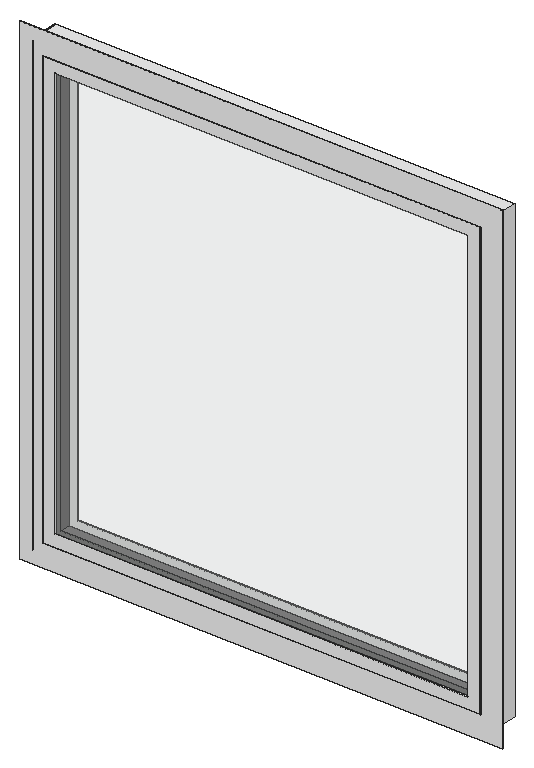
Revit family "Casement_30.5_C_Side_Hung_Standard", category Windows, host Wall, Revit 2014
Parameters (values of type "Casement_Sash_DG")
  Width Sash [instance] = 30 mm
  Width Sash Inner = 15 mm
  Width Bead = 15 mm
  Top Hung [instance] = yes
  Side Hung Right [instance] = yes
  Side Hung Left [instance] = yes
  Sash Opening Width [instance] = 600 mm
  Sash Opening Height [instance] = 600.312 mm
  Sash Lip = 15 mm
  Glazing Material [instance] = Glass
  DG Start Piece 2 [instance] = DG End Piece 1 + DG Gasket Thickness  # 25 mm
  DG Start Peice 1 [instance] = (Depth Sash - (2 * DG Glazing Thickness) - DG Gasket Thickness) / 2  # 6.6 mm
  Glazing Offset = 5 mm
  DG Glazing Thickness [instance] = 6.4 mm
  DG Gasket Thickness = 12 mm  # constant formula
  DG Gasket Material [instance] = Double Glazing Gasket Material
  DG End Piece 2 [instance] = DG Start Piece 2 + DG Glazing Thickness  # 31.4 mm
  DG End Piece 1 [instance] = DG Start Peice 1 + DG Glazing Thickness  # 13 mm
  Depth Sash [instance] = 38 mm
  Center Vertical Sash [instance] = Sash Opening Height / 2  # 300.156 mm
  Center Horizontal Sash [instance] = Sash Opening Width / 2  # 300 mm
  Bottom Hung [instance] = yes
  Bead Offset = 15 mm
  Aluminium Thickness = 1 mm
  Aluminium Material [instance] = White Powder Coated Aluminium
Reference planes
  plane 1 "Center (Front/Back)": y = 0
  plane 2: z = 0
  plane 3 "Center (Left/Right)": x = 0
Forms (mm)
  Sweep 1, solid, material "White Powder Coated Aluminium" <- "Aluminium Material"
    path origin (16.177, 0, 121.331) x (1, 0, 0) y (0, 0, 1)
      loop
        line (0, 0) -> (600, 0) -> (600, 600.312) -> (0, 600.312) -> (0, 0)
    profile origin (316.177, 0, 121.331) x (0, 0, 1) y (0, -1, 0)
      loop
        line (0, 0) -> (30, 0) -> (30, 1) -> (15, 1) -> (15, 38) -> (-15, 38) -> (-15, 37) -> (0, 37) -> (0, 0)
      loop
        line (14, 1) -> (14, 37) -> (1, 37) -> (1, 1) -> (14, 1)
  Sweep 2, solid, material "White Powder Coated Aluminium" <- "Aluminium Material"
    path origin (0, 0, 0) x (1, 0, 0) y (0, 0, 1)
      loop
        line (31.177, 706.643) -> (31.177, 136.331) -> (601.177, 136.331) -> (601.177, 706.643) -> (31.177, 706.643)
    profile origin (316.177, 0, 706.643) x (0, 0, 1) y (0, -1, 0)
      loop
        line (0, 37) -> (0, 38) -> (-15, 38) -> (-15, 37) -> (0, 37)
  Extrusion 3, solid, material "Glass" <- "Glazing Material"
    sketch origin (0, 0, 0) x (1, 0, 0) y (0, 0, 1)
      loop
        line (36.177, 701.643) -> (36.177, 141.331) -> (596.177, 141.331) -> (596.177, 701.643) -> (36.177, 701.643)
    from 6.6 <- "DG Start Peice 1" to 13 <- "DG End Piece 1"
  Extrusion 4, solid, material "Glass" <- "Glazing Material"
    sketch origin (0, 0, 0) x (1, 0, 0) y (0, 0, 1)
      loop
        line (36.177, 701.643) -> (36.177, 141.331) -> (596.177, 141.331) -> (596.177, 701.643) -> (36.177, 701.643)
    from 31.4 <- "DG End Piece 2" to 25 <- "DG Start Piece 2"
  Sweep 5, solid, material "Double Glazing Gasket Material" <- "DG Gasket Material"
    path origin (0, -13, 0) x (1, 0, 0) y (0, 0, 1)
      loop
        line (36.177, 701.643) -> (36.177, 141.331) -> (596.177, 141.331) -> (596.177, 701.643) -> (36.177, 701.643)
    profile origin (316.177, -13, 701.643) x (0, 0, 1) y (0, -1, 0)
      loop
        line (0, 0) -> (0, 12) -> (-7.96, 12) -> (-7.96, 0) -> (0, 0)
Lines and regions (mm)
  model lines
    curve 1: line (1.177, -38, 736.643) -> (31.177, -38, 706.643)
    curve 2: line (601.177, -38, 706.643) -> (631.177, -38, 736.643)
    curve 3: line (601.177, -38, 136.331) -> (631.177, -38, 106.331)
    curve 4: line (1.177, -38, 106.331) -> (31.177, -38, 136.331)
    curve 5: line (631.177, -37, 736.643) -> (616.177, -37, 721.643)
    curve 6: line (1.177, -37, 736.643) -> (16.177, -37, 721.643)
    curve 7: line (1.177, -37, 106.331) -> (16.177, -37, 121.331)
    curve 8: line (631.177, -37, 106.331) -> (616.177, -37, 121.331)
    curve 9: line (616.177, 0, 121.331) -> (586.177, 0, 151.331)
    curve 10: line (46.177, 0, 151.331) -> (16.177, 0, 121.331)
    curve 11: line (616.177, 0, 721.643) -> (586.177, 0, 691.643)
    curve 12: line (46.177, 0, 691.643) -> (16.177, 0, 721.643)
    curve 13: line (31.177, -38, 691.643) -> (46.177, -38, 691.643)
    curve 14: line (586.177, -38, 691.643) -> (601.177, -38, 691.643)
    curve 15: line (586.177, -38, 151.331) -> (601.177, -38, 151.331)
    curve 16: line (31.177, -38, 151.331) -> (46.177, -38, 151.331)
  model lines, style "GenericModelHiddenLines", visible <- "Top Hung"
    curve 17: line (46.386, -31.4, 690.914) -> (316.177, -31.4, 151.331)
    curve 18: line (316.177, -31.4, 151.331) -> (586.177, -31.4, 691.331)
  model lines, style "GenericModelHiddenLines", visible <- "Bottom Hung"
    curve 19: line (46.177, -31.4, 151.331) -> (316.177, -31.4, 691.331)
    curve 20: line (316.177, -31.4, 691.331) -> (586.177, -31.4, 151.331)
  model lines, style "GenericModelHiddenLines", visible <- "Side Hung Left"
    curve 21: line (46.386, -31.4, 690.914) -> (585.24, -31.4, 421.487)
    curve 22: line (585.24, -31.4, 421.487) -> (46.177, -31.4, 151.331)
  model lines, style "GenericModelHiddenLines", visible <- "Side Hung Right"
    curve 23: line (586.177, -31.4, 691.331) -> (46.177, -31.4, 421.487)
    curve 24: line (46.177, -31.4, 421.487) -> (586.177, -31.4, 151.331)
Dimensions and locks
  "Aluminium Thickness": Sweep 1 sketch curve to Sweep 1 sketch curve  (x4)
  "Depth Sash": Sweep 1 sketch curve to Sweep 1 sketch curve
  "Sash Opening Width": Sweep 1 to Sweep 1
  "Sash Opening Height": Sweep 1 to Sweep 1
  "Width Sash": Sweep 1 sketch curve to Sweep 1 sketch curve  (x2)
  "Width Sash Inner": Sweep 1 sketch curve to Sweep 1 sketch curve
  "Sash Lip": Sweep 1 sketch curve to Sweep 1 sketch curve
  "Aluminium Thickness": Sweep 1 to Sweep 2 sketch curve
  "Glazing Offset": Sweep 2 to Extrusion 3 sketch curve  (x3)
  "Glazing Offset": Extrusion 3 sketch curve to Sweep 2
  Sweep 1 to Sweep 1 = 1 mm
  "Aluminium Thickness": Sweep 2 sketch curve to Sweep 2 sketch curve
  "Width Bead": Sweep 2 sketch curve to Sweep 2 sketch curve
  locked: Sweep 5 sketch curve to Sweep 5 sketch curve at 7.96
  "Center Horizontal Sash": Sweep 1 to curve 18
  "Center Horizontal Sash": Sweep 1 to curve 20
  "Center Vertical Sash": Sweep 1 to curve 22
  "Center Vertical Sash": Sweep 1 to curve 24
  aligned and locked: level to plane 2
  aligned and locked: Sweep 1 sketch curve to Sweep 1 sketch curve  (x2)
  aligned and locked: Sweep 2 sketch curve to Sweep 1  (x5)
  aligned and locked: Extrusion 4 sketch curve to Extrusion 3  (x4)
  aligned and locked: Sweep 5 sketch curve to Extrusion 3  (x5)
  aligned and locked: Extrusion 3 to Sweep 5 sketch curve
Automatic sketch dimensions
  plane 3 "Center (Left/Right)" to Sweep 1 sketch curve = 16.177 mm
  level to Sweep 1 sketch curve = 121.331 mm
  plane 3 "Center (Left/Right)" to Sweep 1 sketch curve = 616.177 mm
  level to Sweep 1 sketch curve = 721.643 mm
  profile plane to Sweep 5 sketch curve = 12 mm
  curve 7 to Sweep 1 = 0 mm  (x4)
  curve 6 to Sweep 1 = 0 mm  (x3)
  Sweep 1 to curve 6 = 0 mm
  curve 5 to Sweep 1 = 0 mm  (x3)
  curve 8 to Sweep 1 = 0 mm  (x4)
  Sweep 1 to curve 5 = 0 mm
  curve 16 to Sweep 2 = 0 mm  (x3)
  curve 13 to Sweep 2 = 0 mm  (x3)
  curve 15 to Sweep 2 = 0 mm
  Sweep 2 to curve 15 = 0 mm  (x2)
  curve 14 to Sweep 2 = 0 mm  (x2)
  Sweep 2 to curve 14 = 0 mm
  curve 1 to Sweep 1 = 0 mm  (x4)
  curve 4 to Sweep 1 = 0 mm  (x3)
  Sweep 1 to curve 4 = 0 mm
  curve 3 to Sweep 1 = 0 mm  (x3)
  curve 2 to Sweep 1 = 0 mm  (x4)
  Sweep 1 to curve 3 = 0 mm
  curve 10 to Sweep 1 = 0 mm  (x4)
  curve 12 to Sweep 1 = 0 mm  (x3)
  Sweep 1 to curve 12 = 0 mm
  curve 9 to Sweep 1 = 0 mm  (x4)
  curve 11 to Sweep 1 = 0 mm  (x3)
  Sweep 1 to curve 11 = 0 mm
  Sweep 1 sketch curve to plane 1 "Center (Front/Back)" = 0 mm
  profile plane to Sweep 1 sketch curve = 0 mm
  curve 21 to Extrusion 4 = 10.208 mm
  curve 19 to Extrusion 4 = 10 mm
  curve 23 to Extrusion 4 = 10 mm  (x2)
  curve 22 to Extrusion 4 = 10.937 mm
  curve 20 to Extrusion 4 = 10 mm
  curve 24 to Extrusion 4 = 10 mm
  curve 22 to Extrusion 4 = 10 mm
  curve 18 to Extrusion 4 = 10 mm
  curve 21 to Extrusion 4 = 10.729 mm
  curve 19 to Extrusion 4 = 10.312 mm
  curve 18 to Extrusion 4 = 10.312 mm
Types in the file's own list only (12): name | Windload Design | Width Sash Right Opening | Width Sash Right | Width Sash Left Opening | Width Sash Left | Width Profile | Width Fixed Panel Center | Width | URL | Standard Mullion Different | Offset Window Exterior | Offset Mullion Right Side | Max System DG Unit Thickness | Max System DG One Piece Thickness | Max Pane Area | Intruderprufe U Value | Intruderprufe SHGC Value | Intruderprufe LowE U Value | Intruderprufe LowE SHGC Value | Height Sash Opening | Height | Energy Advantage U Value | Energy Advantage SHGC Value | DG Thickness Calc | DG Thickness | Custom Window Width | Custom Window Height | Window Exterior Offset | Custom Windload | Custom Sash Right Width | Custom Sash Left Width | Sash Height | Side Hung Right | Sash Spacing Inner | Sash Overlap | Sash Center Offset | SG Gasket Thickness | Offset Sash Side | Offset Sash Top | Offset Fixed Panel Left | Offset Mullion Left Side | Offset Bead Center Reversed | Model | Manufacturer | Limit Window Width Min | Limit Window Width Max | Limit Window Height Min | Limit Window Height Max | Limit Sash Width Min | Limit Sash Width Max | Limit Sash Height Min | Limit Sash Height Max | Limit Fixed Pane Width Min | Limit Fixed Pane Width Max | Length Mullion | Height Sash | Height Fixed Panel Center | Double Glazing | Description | Depth Mullion | Frame Center Offset | Depth Bead | Default Sill Height | Wall Closure | DG Gasket Finish | DG Extrusion Start | Mullion Depth Windload Based | Corrected Mullion Size | Clearvue U Value | Clearvue SHGC Value | Casement Dimension | Bead SG Gap | Area Pane Right | Area Pane Middle | Area Pane Left
  305-1809SS-1000Pa | 1000 mm | 524 mm | 554 mm | 524 mm | 554 mm | 30 mm | 590 mm | 1790 mm | "http://www.crealco.co.za/crealco-products.php" | 0 mm | 15 mm | 570 mm | 18 mm | 3 mm | 0.48 m² | 6.08 | 0.579 | 4.55 | 0.571 | 844 mm | 890 mm | 4.66 | 0.544 | 3 mm | 3 mm | 1790 mm | 890 mm | 0 mm | 1000 mm | 554 mm | 554 mm | 845 mm | No | 8 mm | 7 mm | 12 mm | 6 mm | 23 mm | 23 mm | 600 mm | 570 mm | 15 mm | "Casement 30.5" | "Crealco" | 1400 mm | 2700 mm | 346 mm | 1246 mm | 300 mm | 600 mm | 300 mm | 1200 mm | 200 mm | 1500 mm | 890 mm | 814 mm | 830 mm | No | "Window 30.5mm, Type C side hung" | 32 mm | 15 mm | 17 mm | 800 mm | By host | Double Glazing Gasket Material | 5 mm | 32 mm | 0 mm | 6.22 | 0.608 | 31 mm | 13 mm | 0.35 m² | 0.48 m² | 0.35 m²
  305-2409SS-1000Pa | 1000 mm | 524 mm | 554 mm | 524 mm | 554 mm | 30 mm | 1190 mm | 2390 mm | "http://www.crealco.co.za/crealco-products.php" | 0 mm | 15 mm | 570 mm | 18 mm | 3 mm | 0.97 m² | 6.01 | 0.614 | 4.4 | 0.542 | 844 mm | 890 mm | 4.5 | 0.577 | 3 mm | 3 mm | 2390 mm | 890 mm | 0 mm | 1000 mm | 554 mm | 554 mm | 845 mm | No | 8 mm | 7 mm | 12 mm | 6 mm | 23 mm | 23 mm | 600 mm | 570 mm | 15 mm | "Casement 30.5" | "Crealco" | 1400 mm | 2700 mm | 346 mm | 1246 mm | 300 mm | 600 mm | 300 mm | 1200 mm | 200 mm | 1500 mm | 890 mm | 814 mm | 830 mm | No | "Window 30.5mm, Type C side hung" | 32 mm | 15 mm | 17 mm | 800 mm | By host | Double Glazing Gasket Material | 5 mm | 32 mm | 0 mm | 6.15 | 0.645 | 31 mm | 13 mm | 0.35 m² | 0.97 m² | 0.35 m²
  305-2409SS-1500Pa | 1500 mm | 524 mm | 554 mm | 524 mm | 554 mm | 30 mm | 1190 mm | 2390 mm | "http://www.crealco.co.za/crealco-products.php" | 0 mm | 15 mm | 570 mm | 18 mm | 3 mm | 0.97 m² | 6.01 | 0.614 | 4.5 | 0.543 | 844 mm | 890 mm | 4.6 | 0.578 | 3 mm | 3 mm | 2390 mm | 890 mm | 0 mm | 1500 mm | 554 mm | 554 mm | 845 mm | No | 8 mm | 7 mm | 12 mm | 6 mm | 23 mm | 23 mm | 600 mm | 570 mm | 15 mm | "Casement 30.5" | "Crealco" | 1400 mm | 2700 mm | 346 mm | 1246 mm | 300 mm | 600 mm | 300 mm | 1200 mm | 200 mm | 1500 mm | 890 mm | 814 mm | 830 mm | No | "Window 30.5mm, Type C side hung" | 32 mm | 15 mm | 17 mm | 800 mm | By host | Double Glazing Gasket Material | 5 mm | 32 mm | 0 mm | 6.15 | 0.646 | 31 mm | 13 mm | 0.35 m² | 0.97 m² | 0.35 m²
  305-1812SS-1000Pa | 1000 mm | 524 mm | 554 mm | 524 mm | 554 mm | 30 mm | 590 mm | 1790 mm | "http://www.crealco.co.za/crealco-products.php" | 1 mm | 15 mm | 570 mm | 18 mm | 3 mm | 0.65 m² | 6.07 | 0.602 | 4.47 | 0.531 | 1144 mm | 1190 mm | 4.57 | 0.565 | 3 mm | 3 mm | 1790 mm | 1190 mm | 0 mm | 1000 mm | 554 mm | 554 mm | 1145 mm | No | 8 mm | 7 mm | 12 mm | 6 mm | 23 mm | 23 mm | 600 mm | 570 mm | 15 mm | "Casement 30.5" | "Crealco" | 1400 mm | 2700 mm | 346 mm | 1246 mm | 300 mm | 600 mm | 300 mm | 1200 mm | 200 mm | 1500 mm | 1190 mm | 1114 mm | 1130 mm | No | "Window 30.5mm, Type C side hung" | 32 mm | 15 mm | 17 mm | 800 mm | By host | Double Glazing Gasket Material | 5 mm | 32 mm | 32 mm | 6.2 | 0.632 | 31 mm | 13 mm | 0.49 m² | 0.65 m² | 0.49 m²
  305-2412SS-1000Pa | 1000 mm | 524 mm | 554 mm | 524 mm | 554 mm | 30 mm | 1190 mm | 2390 mm | "http://www.crealco.co.za/crealco-products.php" | 0 mm | 15 mm | 570 mm | 18 mm | 3 mm | 1.32 m² | 6 | 0.637 | 4.42 | 0.562 | 1144 mm | 1190 mm | 4.51 | 0.6 | 4 mm | 3 mm | 2390 mm | 1190 mm | 0 mm | 1000 mm | 554 mm | 554 mm | 1145 mm | No | 8 mm | 7 mm | 12 mm | 6 mm | 23 mm | 23 mm | 600 mm | 570 mm | 15 mm | "Casement 30.5" | "Crealco" | 1400 mm | 2700 mm | 346 mm | 1246 mm | 300 mm | 600 mm | 300 mm | 1200 mm | 200 mm | 1500 mm | 1190 mm | 1114 mm | 1130 mm | No | "Window 30.5mm, Type C side hung" | 32 mm | 15 mm | 17 mm | 800 mm | By host | Double Glazing Gasket Material | 5 mm | 54 mm | 0 mm | 6.14 | 0.67 | 31 mm | 13 mm | 0.49 m² | 1.32 m² | 0.49 m²
  305-1809SS-1500Pa | 1500 mm | 524 mm | 554 mm | 524 mm | 554 mm | 30 mm | 590 mm | 1790 mm | "http://www.crealco.co.za/crealco-products.php" | 0 mm | 15 mm | 570 mm | 18 mm | 3 mm | 0.48 m² | 6.08 | 0.579 | 4.55 | 0.571 | 844 mm | 890 mm | 4.66 | 0.544 | 3 mm | 3 mm | 1790 mm | 890 mm | 0 mm | 1500 mm | 554 mm | 554 mm | 845 mm | No | 8 mm | 7 mm | 12 mm | 6 mm | 23 mm | 23 mm | 600 mm | 570 mm | 15 mm | "Casement 30.5" | "Crealco" | 1400 mm | 2700 mm | 346 mm | 1246 mm | 300 mm | 600 mm | 300 mm | 1200 mm | 200 mm | 1500 mm | 890 mm | 814 mm | 830 mm | No | "Window 30.5mm, Type C side hung" | 32 mm | 15 mm | 17 mm | 800 mm | By host | Double Glazing Gasket Material | 5 mm | 32 mm | 0 mm | 6.22 | 0.608 | 31 mm | 13 mm | 0.35 m² | 0.48 m² | 0.35 m²
  305-1809SS-2000Pa | 2000 mm | 524 mm | 554 mm | 524 mm | 554 mm | 30 mm | 590 mm | 1790 mm | "http://www.crealco.co.za/crealco-products.php" | 0 mm | 15 mm | 570 mm | 18 mm | 3 mm | 0.48 m² | 6.08 | 0.579 | 4.55 | 0.571 | 844 mm | 890 mm | 4.66 | 0.544 | 3 mm | 3 mm | 1790 mm | 890 mm | 0 mm | 2000 mm | 554 mm | 554 mm | 845 mm | No | 8 mm | 7 mm | 12 mm | 6 mm | 23 mm | 23 mm | 600 mm | 570 mm | 15 mm | "Casement 30.5" | "Crealco" | 1400 mm | 2700 mm | 346 mm | 1246 mm | 300 mm | 600 mm | 300 mm | 1200 mm | 200 mm | 1500 mm | 890 mm | 814 mm | 830 mm | No | "Window 30.5mm, Type C side hung" | 32 mm | 15 mm | 17 mm | 800 mm | By host | Double Glazing Gasket Material | 5 mm | 32 mm | 0 mm | 6.22 | 0.608 | 31 mm | 13 mm | 0.35 m² | 0.48 m² | 0.35 m²
  305-1812SS-1500Pa | 1500 mm | 524 mm | 554 mm | 524 mm | 554 mm | 30 mm | 590 mm | 1790 mm | "http://www.crealco.co.za/crealco-products.php" | 1 mm | 15 mm | 570 mm | 18 mm | 3 mm | 0.65 m² | 6.07 | 0.602 | 4.47 | 0.531 | 1144 mm | 1190 mm | 4.57 | 0.565 | 3 mm | 3 mm | 1790 mm | 1190 mm | 0 mm | 1500 mm | 554 mm | 554 mm | 1145 mm | No | 8 mm | 7 mm | 12 mm | 6 mm | 23 mm | 23 mm | 600 mm | 570 mm | 15 mm | "Casement 30.5" | "Crealco" | 1400 mm | 2700 mm | 346 mm | 1246 mm | 300 mm | 600 mm | 300 mm | 1200 mm | 200 mm | 1500 mm | 1190 mm | 1114 mm | 1130 mm | No | "Window 30.5mm, Type C side hung" | 32 mm | 15 mm | 17 mm | 800 mm | By host | Double Glazing Gasket Material | 5 mm | 32 mm | 32 mm | 6.2 | 0.632 | 31 mm | 13 mm | 0.49 m² | 0.65 m² | 0.49 m²
  305-1812SS-2000Pa | 2000 mm | 524 mm | 554 mm | 524 mm | 554 mm | 30 mm | 590 mm | 1790 mm | "http://www.crealco.co.za/crealco-products.php" | 1 mm | 15 mm | 570 mm | 18 mm | 3 mm | 0.65 m² | 6.07 | 0.602 | 4.47 | 0.531 | 1144 mm | 1190 mm | 4.57 | 0.565 | 3 mm | 3 mm | 1790 mm | 1190 mm | 0 mm | 2000 mm | 554 mm | 554 mm | 1145 mm | No | 8 mm | 7 mm | 12 mm | 6 mm | 23 mm | 23 mm | 600 mm | 570 mm | 15 mm | "Casement 30.5" | "Crealco" | 1400 mm | 2700 mm | 346 mm | 1246 mm | 300 mm | 600 mm | 300 mm | 1200 mm | 200 mm | 1500 mm | 1190 mm | 1114 mm | 1130 mm | No | "Window 30.5mm, Type C side hung" | 32 mm | 15 mm | 17 mm | 800 mm | By host | Double Glazing Gasket Material | 5 mm | 32 mm | 32 mm | 6.2 | 0.632 | 31 mm | 13 mm | 0.49 m² | 0.65 m² | 0.49 m²
  305-2409SS-2000Pa | 2000 mm | 524 mm | 554 mm | 524 mm | 554 mm | 30 mm | 1190 mm | 2390 mm | "http://www.crealco.co.za/crealco-products.php" | 0 mm | 15 mm | 570 mm | 18 mm | 3 mm | 0.97 m² | 6.01 | 0.614 | 4.5 | 0.543 | 844 mm | 890 mm | 4.6 | 0.578 | 3 mm | 3 mm | 2390 mm | 890 mm | 0 mm | 2000 mm | 554 mm | 554 mm | 845 mm | No | 8 mm | 7 mm | 12 mm | 6 mm | 23 mm | 23 mm | 600 mm | 570 mm | 15 mm | "Casement 30.5" | "Crealco" | 1400 mm | 2700 mm | 346 mm | 1246 mm | 300 mm | 600 mm | 300 mm | 1200 mm | 200 mm | 1500 mm | 890 mm | 814 mm | 830 mm | No | "Window 30.5mm, Type C side hung" | 32 mm | 15 mm | 17 mm | 800 mm | By host | Double Glazing Gasket Material | 5 mm | 54 mm | 0 mm | 6.15 | 0.646 | 31 mm | 13 mm | 0.35 m² | 0.97 m² | 0.35 m²
  305-2412SS-1500Pa | 1500 mm | 524 mm | 554 mm | 524 mm | 554 mm | 30 mm | 1190 mm | 2390 mm | "http://www.crealco.co.za/crealco-products.php" | 0 mm | 15 mm | 570 mm | 18 mm | 3 mm | 1.32 m² | 6 | 0.637 | 4.42 | 0.562 | 1144 mm | 1190 mm | 4.51 | 0.6 | 4 mm | 3 mm | 2390 mm | 1190 mm | 0 mm | 1500 mm | 554 mm | 554 mm | 1145 mm | No | 8 mm | 7 mm | 12 mm | 6 mm | 23 mm | 23 mm | 600 mm | 570 mm | 15 mm | "Casement 30.5" | "Crealco" | 1400 mm | 2700 mm | 346 mm | 1246 mm | 300 mm | 600 mm | 300 mm | 1200 mm | 200 mm | 1500 mm | 1190 mm | 1114 mm | 1130 mm | No | "Window 30.5mm, Type C side hung" | 32 mm | 15 mm | 17 mm | 800 mm | By host | Double Glazing Gasket Material | 5 mm | 54 mm | 0 mm | 6.14 | 0.67 | 31 mm | 13 mm | 0.49 m² | 1.32 m² | 0.49 m²
  305-2412SS-2000Pa | 2000 mm | 524 mm | 554 mm | 524 mm | 554 mm | 30 mm | 1190 mm | 2390 mm | "http://www.crealco.co.za/crealco-products.php" | 0 mm | 15 mm | 570 mm | 18 mm | 3 mm | 1.32 m² | 6 | 0.637 | 4.42 | 0.562 | 1144 mm | 1190 mm | 4.51 | 0.6 | 4 mm | 3 mm | 2390 mm | 1190 mm | 0 mm | 2000 mm | 554 mm | 554 mm | 1145 mm | No | 8 mm | 7 mm | 12 mm | 6 mm | 23 mm | 23 mm | 600 mm | 570 mm | 15 mm | "Casement 30.5" | "Crealco" | 1400 mm | 2700 mm | 346 mm | 1246 mm | 300 mm | 600 mm | 300 mm | 1200 mm | 200 mm | 1500 mm | 1190 mm | 1114 mm | 1130 mm | No | "Window 30.5mm, Type C side hung" | 32 mm | 15 mm | 17 mm | 800 mm | By host | Double Glazing Gasket Material | 5 mm | 54 mm | 0 mm | 6.14 | 0.67 | 31 mm | 13 mm | 0.49 m² | 1.32 m² | 0.49 m²
